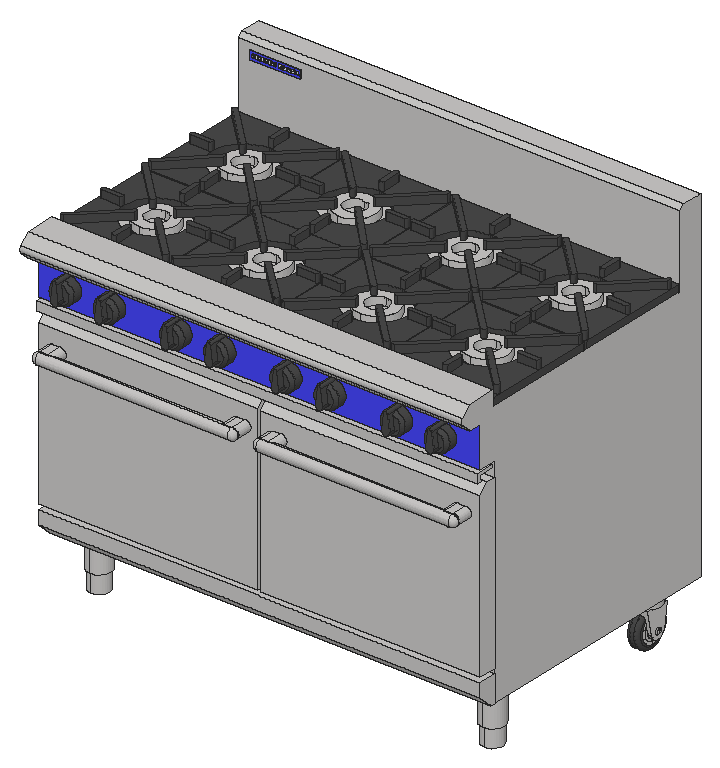
Revit family "QF_MOFFAT_BLUESEAL_CE_G528D", category Specialty Equipment, Revit 2012 (continued)
Definition of nested family "GAS BURNER 1200"
  Forms (mm)
    Extrusion 1, solid, material "QF_Finishes_Black"
      sketch origin (0, 0, 0) x (0, -1, 0) y (1, 0, 0)
        loop
          arc (0, 4) -> (0.879, 1.879) -> (3, 1) r 3
          line (3, 1) -> (315.5, 1)
          arc (315.5, 1) -> (317.621, 1.879) -> (318.5, 4) r 3
        loop
          line (324.5, 1) -> (632, 1)
          arc (632, 1) -> (634.121, 1.879) -> (635, 4) r 3
          line (635, 4) -> (635, 296)
          arc (635, 296) -> (634.121, 298.121) -> (632, 299) r 3
          line (632, 299) -> (324.5, 299)
          arc (324.5, 299) -> (322.379, 298.121) -> (321.5, 296) r 3
          line (321.5, 296) -> (321.5, 4)
          arc (321.5, 4) -> (322.379, 1.879) -> (324.5, 1) r 3
        loop
          circle (168.5, 149.991) r 84.082
        loop
          circle (468.5, 149.991) r 84.082
      from 0 to 19.5
    Extrusion 2, solid, material "QF_Finishes_Black"
      sketch origin (0, 0, 19.5) x (0, -1, 0) y (1, 0, 0)
        loop
          spline (326.102, 15.153) -> (325.181, 13.924) -> (324.631, 12.47) -> (324.49, 10.89) -> (324.767, 9.292) -> (325.443, 7.786) -> (326.473, 6.473) -> (327.786, 5.443) -> (329.292, 4.767) -> (330.89, 4.49) -> (332.47, 4.631) -> (333.924, 5.181) -> (335.153, 6.102)
          line (335.153, 6.102) -> (443.076, 114.025)
          spline (443.076, 114.025) -> (443.837, 115.095) -> (444.238, 116.399) -> (444.251, 117.851) -> (443.875, 119.35) -> (443.137, 120.795) -> (442.086, 122.086) -> (440.795, 123.137) -> (439.35, 123.875) -> (437.851, 124.251) -> (436.399, 124.238) -> (435.095, 123.837) -> (434.025, 123.076)
          line (434.025, 123.076) -> (326.102, 15.153)
        loop
          spline (328.898, 156.4) -> (327.604, 156.182) -> (326.398, 155.543) -> (325.362, 154.525) -> (324.568, 153.2) -> (324.068, 151.656) -> (323.898, 150) -> (324.068, 148.344) -> (324.568, 146.8) -> (325.362, 145.475) -> (326.398, 144.457) -> (327.604, 143.818) -> (328.898, 143.6)
          line (328.898, 143.6) -> (378.102, 143.6)
          spline (378.102, 143.6) -> (379.396, 143.818) -> (380.602, 144.457) -> (381.638, 145.475) -> (382.432, 146.8) -> (382.932, 148.344) -> (383.102, 150) -> (382.932, 151.656) -> (382.432, 153.2) -> (381.638, 154.525) -> (380.602, 155.543) -> (379.396, 156.182) -> (378.102, 156.4)
          line (378.102, 156.4) -> (328.898, 156.4)
        loop
          spline (335.153, 293.898) -> (334.084, 294.659) -> (332.779, 295.059) -> (331.328, 295.072) -> (329.829, 294.697) -> (328.384, 293.959) -> (327.092, 292.908) -> (326.041, 291.616) -> (325.303, 290.171) -> (324.928, 288.672) -> (324.941, 287.221) -> (325.341, 285.916) -> (326.102, 284.847)
          line (326.102, 284.847) -> (434.025, 176.924)
          spline (434.025, 176.924) -> (435.095, 176.163) -> (436.399, 175.762) -> (437.851, 175.749) -> (439.35, 176.125) -> (440.795, 176.863) -> (442.086, 177.914) -> (443.137, 179.205) -> (443.875, 180.65) -> (444.251, 182.149) -> (444.238, 183.601) -> (443.837, 184.905) -> (443.076, 185.975)
          line (443.076, 185.975) -> (335.153, 293.898)
        loop
          line (463.6, 291.102) -> (463.6, 241.898)
          spline (463.6, 241.898) -> (463.818, 240.604) -> (464.457, 239.398) -> (465.475, 238.362) -> (466.8, 237.568) -> (468.344, 237.068) -> (470, 236.898) -> (471.656, 237.068) -> (473.2, 237.568) -> (474.525, 238.362) -> (475.543, 239.398) -> (476.182, 240.604) -> (476.4, 241.898)
          line (476.4, 241.898) -> (476.4, 291.102)
          spline (476.4, 291.102) -> (476.182, 292.396) -> (475.543, 293.602) -> (474.525, 294.638) -> (473.2, 295.432) -> (471.656, 295.932) -> (470, 296.102) -> (468.344, 295.932) -> (466.8, 295.432) -> (465.475, 294.638) -> (464.457, 293.602) -> (463.818, 292.396) -> (463.6, 291.102)
        loop
          spline (612.398, 284.847) -> (613.159, 285.916) -> (613.559, 287.221) -> (613.572, 288.672) -> (613.197, 290.171) -> (612.459, 291.616) -> (611.408, 292.908) -> (610.116, 293.959) -> (608.671, 294.697) -> (607.172, 295.072) -> (605.721, 295.059) -> (604.416, 294.659) -> (603.347, 293.898)
          line (603.347, 293.898) -> (496.924, 185.975)
          spline (496.924, 185.975) -> (496.163, 184.905) -> (495.762, 183.601) -> (495.749, 182.149) -> (496.125, 180.65) -> (496.863, 179.205) -> (497.914, 177.914) -> (499.205, 176.863) -> (500.65, 176.125) -> (502.149, 175.749) -> (503.601, 175.762) -> (504.905, 176.163) -> (505.975, 176.924)
          line (505.975, 176.924) -> (612.398, 284.847)
        loop
          spline (609.602, 143.6) -> (610.896, 143.818) -> (612.102, 144.457) -> (613.138, 145.475) -> (613.932, 146.8) -> (614.432, 148.344) -> (614.602, 150) -> (614.432, 151.656) -> (613.932, 153.2) -> (613.138, 154.525) -> (612.102, 155.543) -> (610.896, 156.182) -> (609.602, 156.4)
          line (609.602, 156.4) -> (561.898, 156.4)
          spline (561.898, 156.4) -> (560.604, 156.182) -> (559.398, 155.543) -> (558.362, 154.525) -> (557.568, 153.2) -> (557.068, 151.656) -> (556.898, 150) -> (557.068, 148.344) -> (557.568, 146.8) -> (558.362, 145.475) -> (559.398, 144.457) -> (560.604, 143.818) -> (561.898, 143.6)
          line (561.898, 143.6) -> (609.602, 143.6)
        loop
          line (612.398, 15.153) -> (505.975, 123.076)
          spline (505.975, 123.076) -> (504.905, 123.837) -> (503.601, 124.238) -> (502.149, 124.251) -> (500.65, 123.875) -> (499.205, 123.137) -> (497.914, 122.086) -> (496.863, 120.795) -> (496.125, 119.35) -> (495.749, 117.851) -> (495.762, 116.399) -> (496.163, 115.095) -> (496.924, 114.025)
          line (496.924, 114.025) -> (603.347, 6.102)
          spline (603.347, 6.102) -> (604.416, 5.341) -> (605.721, 4.941) -> (607.172, 4.928) -> (608.671, 5.303) -> (610.116, 6.041) -> (611.408, 7.092) -> (612.459, 8.384) -> (613.197, 9.829) -> (613.572, 11.328) -> (613.559, 12.779) -> (613.159, 14.084) -> (612.398, 15.153)
        loop
          line (476.4, 8.898) -> (476.4, 58.102)
          spline (476.4, 58.102) -> (476.182, 59.396) -> (475.543, 60.602) -> (474.525, 61.638) -> (473.2, 62.432) -> (471.656, 62.932) -> (470, 63.102) -> (468.344, 62.932) -> (466.8, 62.432) -> (465.475, 61.638) -> (464.457, 60.602) -> (463.818, 59.396) -> (463.6, 58.102)
          line (463.6, 58.102) -> (463.6, 8.898)
          spline (463.6, 8.898) -> (463.818, 7.604) -> (464.457, 6.398) -> (465.475, 5.362) -> (466.8, 4.568) -> (468.344, 4.068) -> (470, 3.898) -> (471.656, 4.068) -> (473.2, 4.568) -> (474.525, 5.362) -> (475.543, 6.398) -> (476.182, 7.604) -> (476.4, 8.898)
        loop
          spline (22.602, 15.153) -> (21.681, 13.924) -> (21.131, 12.47) -> (20.99, 10.89) -> (21.267, 9.292) -> (21.943, 7.786) -> (22.973, 6.473) -> (24.286, 5.443) -> (25.792, 4.767) -> (27.39, 4.49) -> (28.97, 4.631) -> (30.424, 5.181) -> (31.653, 6.102)
          line (31.653, 6.102) -> (139.576, 114.025)
          spline (139.576, 114.025) -> (140.337, 115.095) -> (140.738, 116.399) -> (140.751, 117.851) -> (140.375, 119.35) -> (139.637, 120.795) -> (138.586, 122.086) -> (137.295, 123.137) -> (135.85, 123.875) -> (134.351, 124.251) -> (132.899, 124.238) -> (131.595, 123.837) -> (130.525, 123.076)
          line (130.525, 123.076) -> (22.602, 15.153)
        loop
          spline (25.398, 156.4) -> (24.104, 156.182) -> (22.898, 155.543) -> (21.862, 154.525) -> (21.068, 153.2) -> (20.568, 151.656) -> (20.398, 150) -> (20.568, 148.344) -> (21.068, 146.8) -> (21.862, 145.475) -> (22.898, 144.457) -> (24.104, 143.818) -> (25.398, 143.6)
          line (25.398, 143.6) -> (74.602, 143.6)
          spline (74.602, 143.6) -> (75.896, 143.818) -> (77.102, 144.457) -> (78.138, 145.475) -> (78.932, 146.8) -> (79.432, 148.344) -> (79.602, 150) -> (79.432, 151.656) -> (78.932, 153.2) -> (78.138, 154.525) -> (77.102, 155.543) -> (75.896, 156.182) -> (74.602, 156.4)
          line (74.602, 156.4) -> (25.398, 156.4)
        loop
          spline (31.653, 293.898) -> (30.584, 294.659) -> (29.279, 295.059) -> (27.828, 295.072) -> (26.329, 294.697) -> (24.884, 293.959) -> (23.592, 292.908) -> (22.541, 291.616) -> (21.803, 290.171) -> (21.428, 288.672) -> (21.441, 287.221) -> (21.841, 285.916) -> (22.602, 284.847)
          line (22.602, 284.847) -> (130.525, 176.924)
          spline (130.525, 176.924) -> (131.595, 176.163) -> (132.899, 175.762) -> (134.351, 175.749) -> (135.85, 176.125) -> (137.295, 176.863) -> (138.586, 177.914) -> (139.637, 179.205) -> (140.375, 180.65) -> (140.751, 182.149) -> (140.738, 183.601) -> (140.337, 184.905) -> (139.576, 185.975)
          line (139.576, 185.975) -> (31.653, 293.898)
        loop
          line (160.1, 291.102) -> (160.1, 241.898)
          spline (160.1, 241.898) -> (160.318, 240.604) -> (160.957, 239.398) -> (161.975, 238.362) -> (163.3, 237.568) -> (164.844, 237.068) -> (166.5, 236.898) -> (168.156, 237.068) -> (169.7, 237.568) -> (171.025, 238.362) -> (172.043, 239.398) -> (172.682, 240.604) -> (172.9, 241.898)
          line (172.9, 241.898) -> (172.9, 291.102)
          spline (172.9, 291.102) -> (172.682, 292.396) -> (172.043, 293.602) -> (171.025, 294.638) -> (169.7, 295.432) -> (168.156, 295.932) -> (166.5, 296.102) -> (164.844, 295.932) -> (163.3, 295.432) -> (161.975, 294.638) -> (160.957, 293.602) -> (160.318, 292.396) -> (160.1, 291.102)
        loop
          spline (313.898, 284.847) -> (314.659, 285.916) -> (315.059, 287.221) -> (315.072, 288.672) -> (314.697, 290.171) -> (313.959, 291.616) -> (312.908, 292.908) -> (311.616, 293.959) -> (310.171, 294.697) -> (308.672, 295.072) -> (307.221, 295.059) -> (305.916, 294.659) -> (304.847, 293.898)
          line (304.847, 293.898) -> (193.424, 185.975)
          spline (193.424, 185.975) -> (192.663, 184.905) -> (192.262, 183.601) -> (192.249, 182.149) -> (192.625, 180.65) -> (193.363, 179.205) -> (194.414, 177.914) -> (195.705, 176.863) -> (197.15, 176.125) -> (198.649, 175.749) -> (200.101, 175.762) -> (201.405, 176.163) -> (202.475, 176.924)
          line (202.475, 176.924) -> (313.898, 284.847)
        loop
          spline (311.102, 143.6) -> (312.396, 143.818) -> (313.602, 144.457) -> (314.638, 145.475) -> (315.432, 146.8) -> (315.932, 148.344) -> (316.102, 150) -> (315.932, 151.656) -> (315.432, 153.2) -> (314.638, 154.525) -> (313.602, 155.543) -> (312.396, 156.182) -> (311.102, 156.4)
          line (311.102, 156.4) -> (261.898, 156.4)
          spline (261.898, 156.4) -> (260.604, 156.182) -> (259.398, 155.543) -> (258.362, 154.525) -> (257.568, 153.2) -> (257.068, 151.656) -> (256.898, 150) -> (257.068, 148.344) -> (257.568, 146.8) -> (258.362, 145.475) -> (259.398, 144.457) -> (260.604, 143.818) -> (261.898, 143.6)
          line (261.898, 143.6) -> (311.102, 143.6)
        loop
          line (313.898, 15.153) -> (202.475, 123.076)
          spline (202.475, 123.076) -> (201.405, 123.837) -> (200.101, 124.238) -> (198.649, 124.251) -> (197.15, 123.875) -> (195.705, 123.137) -> (194.414, 122.086) -> (193.363, 120.795) -> (192.625, 119.35) -> (192.249, 117.851) -> (192.262, 116.399) -> (192.663, 115.095) -> (193.424, 114.025)
          line (193.424, 114.025) -> (304.847, 6.102)
          spline (304.847, 6.102) -> (305.916, 5.341) -> (307.221, 4.941) -> (308.672, 4.928) -> (310.171, 5.303) -> (311.616, 6.041) -> (312.908, 7.092) -> (313.959, 8.384) -> (314.697, 9.829) -> (315.072, 11.328) -> (315.059, 12.779) -> (314.659, 14.084) -> (313.898, 15.153)
        loop
          line (172.9, 8.898) -> (172.9, 58.102)
          spline (172.9, 58.102) -> (172.682, 59.396) -> (172.043, 60.602) -> (171.025, 61.638) -> (169.7, 62.432) -> (168.156, 62.932) -> (166.5, 63.102) -> (164.844, 62.932) -> (163.3, 62.432) -> (161.975, 61.638) -> (160.957, 60.602) -> (160.318, 59.396) -> (160.1, 58.102)
          line (160.1, 58.102) -> (160.1, 8.898)
          spline (160.1, 8.898) -> (160.318, 7.604) -> (160.957, 6.398) -> (161.975, 5.362) -> (163.3, 4.568) -> (164.844, 4.068) -> (166.5, 3.898) -> (168.156, 4.068) -> (169.7, 4.568) -> (171.025, 5.362) -> (172.043, 6.398) -> (172.682, 7.604) -> (172.9, 8.898)
      from 0 to 20.5
    Extrusion 3, solid, material "QF_Finishes_Stainless Steel"
      sketch origin (0, -15.098, 0) x (0, -1, 0) y (1, 0, 0)
        loop
          circle (151.402, 150) r 57
        loop
          circle (451.402, 150) r 57
        loop
          circle (151.402, 150) r 30
        loop
          circle (451.402, 150) r 30
      from 0 to 20
    Extrusion 4, solid, material "QF_Finishes_Black"
      sketch origin (600, 0, 0) x (0, -1, 0) y (1, 0, 0)
        loop
          arc (318.5, -4) -> (317.621, -1.879) -> (315.5, -1) r 3
          line (315.5, -1) -> (3, -1)
          arc (3, -1) -> (0.879, -1.879) -> (0, -4) r 3
          line (0, -4) -> (0, -296)
          arc (0, -296) -> (0.879, -298.121) -> (3, -299) r 3
          line (3, -299) -> (315.5, -299)
          arc (315.5, -299) -> (317.621, -298.121) -> (318.5, -296) r 3
          line (318.5, -296) -> (318.5, -4)
        loop
          arc (324.5, -1) -> (322.379, -1.879) -> (321.5, -4) r 3
          line (321.5, -4) -> (321.5, -296)
          arc (321.5, -296) -> (322.379, -298.121) -> (324.5, -299) r 3
          line (324.5, -299) -> (632, -299)
          arc (632, -299) -> (634.121, -298.121) -> (635, -296) r 3
          line (635, -296) -> (635, -4)
          arc (635, -4) -> (634.121, -1.879) -> (632, -1) r 3
          line (632, -1) -> (324.5, -1)
        loop
          circle (168.5, -149.991) r 84.082
        loop
          circle (468.5, -149.991) r 84.082
      from 0 to 19.5
    Extrusion 5, solid, material "QF_Finishes_Black"
      sketch origin (600, 0, 19.5) x (0, -1, 0) y (1, 0, 0)
        loop
          line (326.102, -15.153) -> (434.025, -123.076)
          spline (434.025, -123.076) -> (435.095, -123.837) -> (436.399, -124.238) -> (437.851, -124.251) -> (439.35, -123.875) -> (440.795, -123.137) -> (442.086, -122.086) -> (443.137, -120.795) -> (443.875, -119.35) -> (444.251, -117.851) -> (444.238, -116.399) -> (443.837, -115.095) -> (443.076, -114.025)
          line (443.076, -114.025) -> (335.153, -6.102)
          spline (335.153, -6.102) -> (333.924, -5.181) -> (332.47, -4.631) -> (330.89, -4.49) -> (329.292, -4.767) -> (327.786, -5.443) -> (326.473, -6.473) -> (325.443, -7.786) -> (324.767, -9.292) -> (324.49, -10.89) -> (324.631, -12.47) -> (325.181, -13.924) -> (326.102, -15.153)
        loop
          line (328.898, -156.4) -> (378.102, -156.4)
          spline (378.102, -156.4) -> (379.396, -156.182) -> (380.602, -155.543) -> (381.638, -154.525) -> (382.432, -153.2) -> (382.932, -151.656) -> (383.102, -150) -> (382.932, -148.344) -> (382.432, -146.8) -> (381.638, -145.475) -> (380.602, -144.457) -> (379.396, -143.818) -> (378.102, -143.6)
          line (378.102, -143.6) -> (328.898, -143.6)
          spline (328.898, -143.6) -> (327.604, -143.818) -> (326.398, -144.457) -> (325.362, -145.475) -> (324.568, -146.8) -> (324.068, -148.344) -> (323.898, -150) -> (324.068, -151.656) -> (324.568, -153.2) -> (325.362, -154.525) -> (326.398, -155.543) -> (327.604, -156.182) -> (328.898, -156.4)
        loop
          line (335.153, -293.898) -> (443.076, -185.975)
          spline (443.076, -185.975) -> (443.837, -184.905) -> (444.238, -183.601) -> (444.251, -182.149) -> (443.875, -180.65) -> (443.137, -179.205) -> (442.086, -177.914) -> (440.795, -176.863) -> (439.35, -176.125) -> (437.851, -175.749) -> (436.399, -175.762) -> (435.095, -176.163) -> (434.025, -176.924)
          line (434.025, -176.924) -> (326.102, -284.847)
          spline (326.102, -284.847) -> (325.341, -285.916) -> (324.941, -287.221) -> (324.928, -288.672) -> (325.303, -290.171) -> (326.041, -291.616) -> (327.092, -292.908) -> (328.384, -293.959) -> (329.829, -294.697) -> (331.328, -295.072) -> (332.779, -295.059) -> (334.084, -294.659) -> (335.153, -293.898)
        loop
          spline (463.6, -291.102) -> (463.818, -292.396) -> (464.457, -293.602) -> (465.475, -294.638) -> (466.8, -295.432) -> (468.344, -295.932) -> (470, -296.102) -> (471.656, -295.932) -> (473.2, -295.432) -> (474.525, -294.638) -> (475.543, -293.602) -> (476.182, -292.396) -> (476.4, -291.102)
          line (476.4, -291.102) -> (476.4, -241.898)
          spline (476.4, -241.898) -> (476.182, -240.604) -> (475.543, -239.398) -> (474.525, -238.362) -> (473.2, -237.568) -> (471.656, -237.068) -> (470, -236.898) -> (468.344, -237.068) -> (466.8, -237.568) -> (465.475, -238.362) -> (464.457, -239.398) -> (463.818, -240.604) -> (463.6, -241.898)
          line (463.6, -241.898) -> (463.6, -291.102)
        loop
          line (612.398, -284.847) -> (505.975, -176.924)
          spline (505.975, -176.924) -> (504.905, -176.163) -> (503.601, -175.762) -> (502.149, -175.749) -> (500.65, -176.125) -> (499.205, -176.863) -> (497.914, -177.914) -> (496.863, -179.205) -> (496.125, -180.65) -> (495.749, -182.149) -> (495.762, -183.601) -> (496.163, -184.905) -> (496.924, -185.975)
          line (496.924, -185.975) -> (603.347, -293.898)
          spline (603.347, -293.898) -> (604.416, -294.659) -> (605.721, -295.059) -> (607.172, -295.072) -> (608.671, -294.697) -> (610.116, -293.959) -> (611.408, -292.908) -> (612.459, -291.616) -> (613.197, -290.171) -> (613.572, -288.672) -> (613.559, -287.221) -> (613.159, -285.916) -> (612.398, -284.847)
        loop
          line (609.602, -143.6) -> (561.898, -143.6)
          spline (561.898, -143.6) -> (560.604, -143.818) -> (559.398, -144.457) -> (558.362, -145.475) -> (557.568, -146.8) -> (557.068, -148.344) -> (556.898, -150) -> (557.068, -151.656) -> (557.568, -153.2) -> (558.362, -154.525) -> (559.398, -155.543) -> (560.604, -156.182) -> (561.898, -156.4)
          line (561.898, -156.4) -> (609.602, -156.4)
          spline (609.602, -156.4) -> (610.896, -156.182) -> (612.102, -155.543) -> (613.138, -154.525) -> (613.932, -153.2) -> (614.432, -151.656) -> (614.602, -150) -> (614.432, -148.344) -> (613.932, -146.8) -> (613.138, -145.475) -> (612.102, -144.457) -> (610.896, -143.818) -> (609.602, -143.6)
        loop
          spline (612.398, -15.153) -> (613.159, -14.084) -> (613.559, -12.779) -> (613.572, -11.328) -> (613.197, -9.829) -> (612.459, -8.384) -> (611.408, -7.092) -> (610.116, -6.041) -> (608.671, -5.303) -> (607.172, -4.928) -> (605.721, -4.941) -> (604.416, -5.341) -> (603.347, -6.102)
          line (603.347, -6.102) -> (496.924, -114.025)
          spline (496.924, -114.025) -> (496.163, -115.095) -> (495.762, -116.399) -> (495.749, -117.851) -> (496.125, -119.35) -> (496.863, -120.795) -> (497.914, -122.086) -> (499.205, -123.137) -> (500.65, -123.875) -> (502.149, -124.251) -> (503.601, -124.238) -> (504.905, -123.837) -> (505.975, -123.076)
          line (505.975, -123.076) -> (612.398, -15.153)
        loop
          spline (476.4, -8.898) -> (476.182, -7.604) -> (475.543, -6.398) -> (474.525, -5.362) -> (473.2, -4.568) -> (471.656, -4.068) -> (470, -3.898) -> (468.344, -4.068) -> (466.8, -4.568) -> (465.475, -5.362) -> (464.457, -6.398) -> (463.818, -7.604) -> (463.6, -8.898)
          line (463.6, -8.898) -> (463.6, -58.102)
          spline (463.6, -58.102) -> (463.818, -59.396) -> (464.457, -60.602) -> (465.475, -61.638) -> (466.8, -62.432) -> (468.344, -62.932) -> (470, -63.102) -> (471.656, -62.932) -> (473.2, -62.432) -> (474.525, -61.638) -> (475.543, -60.602) -> (476.182, -59.396) -> (476.4, -58.102)
          line (476.4, -58.102) -> (476.4, -8.898)
        loop
          line (22.602, -15.153) -> (130.525, -123.076)
          spline (130.525, -123.076) -> (131.595, -123.837) -> (132.899, -124.238) -> (134.351, -124.251) -> (135.85, -123.875) -> (137.295, -123.137) -> (138.586, -122.086) -> (139.637, -120.795) -> (140.375, -119.35) -> (140.751, -117.851) -> (140.738, -116.399) -> (140.337, -115.095) -> (139.576, -114.025)
          line (139.576, -114.025) -> (31.653, -6.102)
          spline (31.653, -6.102) -> (30.424, -5.181) -> (28.97, -4.631) -> (27.39, -4.49) -> (25.792, -4.767) -> (24.286, -5.443) -> (22.973, -6.473) -> (21.943, -7.786) -> (21.267, -9.292) -> (20.99, -10.89) -> (21.131, -12.47) -> (21.681, -13.924) -> (22.602, -15.153)
        loop
          line (25.398, -156.4) -> (74.602, -156.4)
          spline (74.602, -156.4) -> (75.896, -156.182) -> (77.102, -155.543) -> (78.138, -154.525) -> (78.932, -153.2) -> (79.432, -151.656) -> (79.602, -150) -> (79.432, -148.344) -> (78.932, -146.8) -> (78.138, -145.475) -> (77.102, -144.457) -> (75.896, -143.818) -> (74.602, -143.6)
          line (74.602, -143.6) -> (25.398, -143.6)
          spline (25.398, -143.6) -> (24.104, -143.818) -> (22.898, -144.457) -> (21.862, -145.475) -> (21.068, -146.8) -> (20.568, -148.344) -> (20.398, -150) -> (20.568, -151.656) -> (21.068, -153.2) -> (21.862, -154.525) -> (22.898, -155.543) -> (24.104, -156.182) -> (25.398, -156.4)
        loop
          line (31.653, -293.898) -> (139.576, -185.975)
          spline (139.576, -185.975) -> (140.337, -184.905) -> (140.738, -183.601) -> (140.751, -182.149) -> (140.375, -180.65) -> (139.637, -179.205) -> (138.586, -177.914) -> (137.295, -176.863) -> (135.85, -176.125) -> (134.351, -175.749) -> (132.899, -175.762) -> (131.595, -176.163) -> (130.525, -176.924)
          line (130.525, -176.924) -> (22.602, -284.847)
          spline (22.602, -284.847) -> (21.841, -285.916) -> (21.441, -287.221) -> (21.428, -288.672) -> (21.803, -290.171) -> (22.541, -291.616) -> (23.592, -292.908) -> (24.884, -293.959) -> (26.329, -294.697) -> (27.828, -295.072) -> (29.279, -295.059) -> (30.584, -294.659) -> (31.653, -293.898)
        loop
          spline (160.1, -291.102) -> (160.318, -292.396) -> (160.957, -293.602) -> (161.975, -294.638) -> (163.3, -295.432) -> (164.844, -295.932) -> (166.5, -296.102) -> (168.156, -295.932) -> (169.7, -295.432) -> (171.025, -294.638) -> (172.043, -293.602) -> (172.682, -292.396) -> (172.9, -291.102)
          line (172.9, -291.102) -> (172.9, -241.898)
          spline (172.9, -241.898) -> (172.682, -240.604) -> (172.043, -239.398) -> (171.025, -238.362) -> (169.7, -237.568) -> (168.156, -237.068) -> (166.5, -236.898) -> (164.844, -237.068) -> (163.3, -237.568) -> (161.975, -238.362) -> (160.957, -239.398) -> (160.318, -240.604) -> (160.1, -241.898)
          line (160.1, -241.898) -> (160.1, -291.102)
        loop
          line (313.898, -284.847) -> (202.475, -176.924)
          spline (202.475, -176.924) -> (201.405, -176.163) -> (200.101, -175.762) -> (198.649, -175.749) -> (197.15, -176.125) -> (195.705, -176.863) -> (194.414, -177.914) -> (193.363, -179.205) -> (192.625, -180.65) -> (192.249, -182.149) -> (192.262, -183.601) -> (192.663, -184.905) -> (193.424, -185.975)
          line (193.424, -185.975) -> (304.847, -293.898)
          spline (304.847, -293.898) -> (305.916, -294.659) -> (307.221, -295.059) -> (308.672, -295.072) -> (310.171, -294.697) -> (311.616, -293.959) -> (312.908, -292.908) -> (313.959, -291.616) -> (314.697, -290.171) -> (315.072, -288.672) -> (315.059, -287.221) -> (314.659, -285.916) -> (313.898, -284.847)
        loop
          line (311.102, -143.6) -> (261.898, -143.6)
          spline (261.898, -143.6) -> (260.604, -143.818) -> (259.398, -144.457) -> (258.362, -145.475) -> (257.568, -146.8) -> (257.068, -148.344) -> (256.898, -150) -> (257.068, -151.656) -> (257.568, -153.2) -> (258.362, -154.525) -> (259.398, -155.543) -> (260.604, -156.182) -> (261.898, -156.4)
          line (261.898, -156.4) -> (311.102, -156.4)
          spline (311.102, -156.4) -> (312.396, -156.182) -> (313.602, -155.543) -> (314.638, -154.525) -> (315.432, -153.2) -> (315.932, -151.656) -> (316.102, -150) -> (315.932, -148.344) -> (315.432, -146.8) -> (314.638, -145.475) -> (313.602, -144.457) -> (312.396, -143.818) -> (311.102, -143.6)
        loop
          spline (313.898, -15.153) -> (314.659, -14.084) -> (315.059, -12.779) -> (315.072, -11.328) -> (314.697, -9.829) -> (313.959, -8.384) -> (312.908, -7.092) -> (311.616, -6.041) -> (310.171, -5.303) -> (308.672, -4.928) -> (307.221, -4.941) -> (305.916, -5.341) -> (304.847, -6.102)
          line (304.847, -6.102) -> (193.424, -114.025)
          spline (193.424, -114.025) -> (192.663, -115.095) -> (192.262, -116.399) -> (192.249, -117.851) -> (192.625, -119.35) -> (193.363, -120.795) -> (194.414, -122.086) -> (195.705, -123.137) -> (197.15, -123.875) -> (198.649, -124.251) -> (200.101, -124.238) -> (201.405, -123.837) -> (202.475, -123.076)
          line (202.475, -123.076) -> (313.898, -15.153)
        loop
          spline (172.9, -8.898) -> (172.682, -7.604) -> (172.043, -6.398) -> (171.025, -5.362) -> (169.7, -4.568) -> (168.156, -4.068) -> (166.5, -3.898) -> (164.844, -4.068) -> (163.3, -4.568) -> (161.975, -5.362) -> (160.957, -6.398) -> (160.318, -7.604) -> (160.1, -8.898)
          line (160.1, -8.898) -> (160.1, -58.102)
          spline (160.1, -58.102) -> (160.318, -59.396) -> (160.957, -60.602) -> (161.975, -61.638) -> (163.3, -62.432) -> (164.844, -62.932) -> (166.5, -63.102) -> (168.156, -62.932) -> (169.7, -62.432) -> (171.025, -61.638) -> (172.043, -60.602) -> (172.682, -59.396) -> (172.9, -58.102)
          line (172.9, -58.102) -> (172.9, -8.898)
      from 0 to 20.5
    Extrusion 6, solid, material "QF_Finishes_Stainless Steel"
      sketch origin (600, -15.098, 0) x (0, -1, 0) y (1, 0, 0)
        loop
          circle (151.402, -150) r 57
        loop
          circle (451.402, -150) r 57
        loop
          circle (151.402, -150) r 30
        loop
          circle (451.402, -150) r 30
      from 0 to 20
    Extrusion 7, solid, material "QF_Finishes_Black"
      sketch origin (901, 0, 19.5) x (0, -1, 0) y (1, 0, 0)
        loop
          line (326.102, -15.153) -> (434.025, -123.076)
          spline (434.025, -123.076) -> (435.095, -123.837) -> (436.399, -124.238) -> (437.851, -124.251) -> (439.35, -123.875) -> (440.795, -123.137) -> (442.086, -122.086) -> (443.137, -120.795) -> (443.875, -119.35) -> (444.251, -117.851) -> (444.238, -116.399) -> (443.837, -115.095) -> (443.076, -114.025)
          line (443.076, -114.025) -> (335.153, -6.102)
          spline (335.153, -6.102) -> (333.924, -5.181) -> (332.47, -4.631) -> (330.89, -4.49) -> (329.292, -4.767) -> (327.786, -5.443) -> (326.473, -6.473) -> (325.443, -7.786) -> (324.767, -9.292) -> (324.49, -10.89) -> (324.631, -12.47) -> (325.181, -13.924) -> (326.102, -15.153)
        loop
          line (328.898, -156.4) -> (378.102, -156.4)
          spline (378.102, -156.4) -> (379.396, -156.182) -> (380.602, -155.543) -> (381.638, -154.525) -> (382.432, -153.2) -> (382.932, -151.656) -> (383.102, -150) -> (382.932, -148.344) -> (382.432, -146.8) -> (381.638, -145.475) -> (380.602, -144.457) -> (379.396, -143.818) -> (378.102, -143.6)
          line (378.102, -143.6) -> (328.898, -143.6)
          spline (328.898, -143.6) -> (327.604, -143.818) -> (326.398, -144.457) -> (325.362, -145.475) -> (324.568, -146.8) -> (324.068, -148.344) -> (323.898, -150) -> (324.068, -151.656) -> (324.568, -153.2) -> (325.362, -154.525) -> (326.398, -155.543) -> (327.604, -156.182) -> (328.898, -156.4)
        loop
          line (335.153, -293.898) -> (443.076, -185.975)
          spline (443.076, -185.975) -> (443.837, -184.905) -> (444.238, -183.601) -> (444.251, -182.149) -> (443.875, -180.65) -> (443.137, -179.205) -> (442.086, -177.914) -> (440.795, -176.863) -> (439.35, -176.125) -> (437.851, -175.749) -> (436.399, -175.762) -> (435.095, -176.163) -> (434.025, -176.924)
          line (434.025, -176.924) -> (326.102, -284.847)
          spline (326.102, -284.847) -> (325.341, -285.916) -> (324.941, -287.221) -> (324.928, -288.672) -> (325.303, -290.171) -> (326.041, -291.616) -> (327.092, -292.908) -> (328.384, -293.959) -> (329.829, -294.697) -> (331.328, -295.072) -> (332.779, -295.059) -> (334.084, -294.659) -> (335.153, -293.898)
        loop
          spline (463.6, -291.102) -> (463.818, -292.396) -> (464.457, -293.602) -> (465.475, -294.638) -> (466.8, -295.432) -> (468.344, -295.932) -> (470, -296.102) -> (471.656, -295.932) -> (473.2, -295.432) -> (474.525, -294.638) -> (475.543, -293.602) -> (476.182, -292.396) -> (476.4, -291.102)
          line (476.4, -291.102) -> (476.4, -241.898)
          spline (476.4, -241.898) -> (476.182, -240.604) -> (475.543, -239.398) -> (474.525, -238.362) -> (473.2, -237.568) -> (471.656, -237.068) -> (470, -236.898) -> (468.344, -237.068) -> (466.8, -237.568) -> (465.475, -238.362) -> (464.457, -239.398) -> (463.818, -240.604) -> (463.6, -241.898)
          line (463.6, -241.898) -> (463.6, -291.102)
        loop
          line (612.398, -284.847) -> (505.975, -176.924)
          spline (505.975, -176.924) -> (504.905, -176.163) -> (503.601, -175.762) -> (502.149, -175.749) -> (500.65, -176.125) -> (499.205, -176.863) -> (497.914, -177.914) -> (496.863, -179.205) -> (496.125, -180.65) -> (495.749, -182.149) -> (495.762, -183.601) -> (496.163, -184.905) -> (496.924, -185.975)
          line (496.924, -185.975) -> (603.347, -293.898)
          spline (603.347, -293.898) -> (604.416, -294.659) -> (605.721, -295.059) -> (607.172, -295.072) -> (608.671, -294.697) -> (610.116, -293.959) -> (611.408, -292.908) -> (612.459, -291.616) -> (613.197, -290.171) -> (613.572, -288.672) -> (613.559, -287.221) -> (613.159, -285.916) -> (612.398, -284.847)
        loop
          line (609.602, -143.6) -> (561.898, -143.6)
          spline (561.898, -143.6) -> (560.604, -143.818) -> (559.398, -144.457) -> (558.362, -145.475) -> (557.568, -146.8) -> (557.068, -148.344) -> (556.898, -150) -> (557.068, -151.656) -> (557.568, -153.2) -> (558.362, -154.525) -> (559.398, -155.543) -> (560.604, -156.182) -> (561.898, -156.4)
          line (561.898, -156.4) -> (609.602, -156.4)
          spline (609.602, -156.4) -> (610.896, -156.182) -> (612.102, -155.543) -> (613.138, -154.525) -> (613.932, -153.2) -> (614.432, -151.656) -> (614.602, -150) -> (614.432, -148.344) -> (613.932, -146.8) -> (613.138, -145.475) -> (612.102, -144.457) -> (610.896, -143.818) -> (609.602, -143.6)
        loop
          spline (612.398, -15.153) -> (613.159, -14.084) -> (613.559, -12.779) -> (613.572, -11.328) -> (613.197, -9.829) -> (612.459, -8.384) -> (611.408, -7.092) -> (610.116, -6.041) -> (608.671, -5.303) -> (607.172, -4.928) -> (605.721, -4.941) -> (604.416, -5.341) -> (603.347, -6.102)
          line (603.347, -6.102) -> (496.924, -114.025)
          spline (496.924, -114.025) -> (496.163, -115.095) -> (495.762, -116.399) -> (495.749, -117.851) -> (496.125, -119.35) -> (496.863, -120.795) -> (497.914, -122.086) -> (499.205, -123.137) -> (500.65, -123.875) -> (502.149, -124.251) -> (503.601, -124.238) -> (504.905, -123.837) -> (505.975, -123.076)
          line (505.975, -123.076) -> (612.398, -15.153)
        loop
          spline (476.4, -8.898) -> (476.182, -7.604) -> (475.543, -6.398) -> (474.525, -5.362) -> (473.2, -4.568) -> (471.656, -4.068) -> (470, -3.898) -> (468.344, -4.068) -> (466.8, -4.568) -> (465.475, -5.362) -> (464.457, -6.398) -> (463.818, -7.604) -> (463.6, -8.898)
          line (463.6, -8.898) -> (463.6, -58.102)
          spline (463.6, -58.102) -> (463.818, -59.396) -> (464.457, -60.602) -> (465.475, -61.638) -> (466.8, -62.432) -> (468.344, -62.932) -> (470, -63.102) -> (471.656, -62.932) -> (473.2, -62.432) -> (474.525, -61.638) -> (475.543, -60.602) -> (476.182, -59.396) -> (476.4, -58.102)
          line (476.4, -58.102) -> (476.4, -8.898)
        loop
          line (22.602, -15.153) -> (130.525, -123.076)
          spline (130.525, -123.076) -> (131.595, -123.837) -> (132.899, -124.238) -> (134.351, -124.251) -> (135.85, -123.875) -> (137.295, -123.137) -> (138.586, -122.086) -> (139.637, -120.795) -> (140.375, -119.35) -> (140.751, -117.851) -> (140.738, -116.399) -> (140.337, -115.095) -> (139.576, -114.025)
          line (139.576, -114.025) -> (31.653, -6.102)
          spline (31.653, -6.102) -> (30.424, -5.181) -> (28.97, -4.631) -> (27.39, -4.49) -> (25.792, -4.767) -> (24.286, -5.443) -> (22.973, -6.473) -> (21.943, -7.786) -> (21.267, -9.292) -> (20.99, -10.89) -> (21.131, -12.47) -> (21.681, -13.924) -> (22.602, -15.153)
        loop
          line (25.398, -156.4) -> (74.602, -156.4)
          spline (74.602, -156.4) -> (75.896, -156.182) -> (77.102, -155.543) -> (78.138, -154.525) -> (78.932, -153.2) -> (79.432, -151.656) -> (79.602, -150) -> (79.432, -148.344) -> (78.932, -146.8) -> (78.138, -145.475) -> (77.102, -144.457) -> (75.896, -143.818) -> (74.602, -143.6)
          line (74.602, -143.6) -> (25.398, -143.6)
          spline (25.398, -143.6) -> (24.104, -143.818) -> (22.898, -144.457) -> (21.862, -145.475) -> (21.068, -146.8) -> (20.568, -148.344) -> (20.398, -150) -> (20.568, -151.656) -> (21.068, -153.2) -> (21.862, -154.525) -> (22.898, -155.543) -> (24.104, -156.182) -> (25.398, -156.4)
        loop
          line (31.653, -293.898) -> (139.576, -185.975)
          spline (139.576, -185.975) -> (140.337, -184.905) -> (140.738, -183.601) -> (140.751, -182.149) -> (140.375, -180.65) -> (139.637, -179.205) -> (138.586, -177.914) -> (137.295, -176.863) -> (135.85, -176.125) -> (134.351, -175.749) -> (132.899, -175.762) -> (131.595, -176.163) -> (130.525, -176.924)
          line (130.525, -176.924) -> (22.602, -284.847)
          spline (22.602, -284.847) -> (21.841, -285.916) -> (21.441, -287.221) -> (21.428, -288.672) -> (21.803, -290.171) -> (22.541, -291.616) -> (23.592, -292.908) -> (24.884, -293.959) -> (26.329, -294.697) -> (27.828, -295.072) -> (29.279, -295.059) -> (30.584, -294.659) -> (31.653, -293.898)
        loop
          spline (160.1, -291.102) -> (160.318, -292.396) -> (160.957, -293.602) -> (161.975, -294.638) -> (163.3, -295.432) -> (164.844, -295.932) -> (166.5, -296.102) -> (168.156, -295.932) -> (169.7, -295.432) -> (171.025, -294.638) -> (172.043, -293.602) -> (172.682, -292.396) -> (172.9, -291.102)
          line (172.9, -291.102) -> (172.9, -241.898)
          spline (172.9, -241.898) -> (172.682, -240.604) -> (172.043, -239.398) -> (171.025, -238.362) -> (169.7, -237.568) -> (168.156, -237.068) -> (166.5, -236.898) -> (164.844, -237.068) -> (163.3, -237.568) -> (161.975, -238.362) -> (160.957, -239.398) -> (160.318, -240.604) -> (160.1, -241.898)
          line (160.1, -241.898) -> (160.1, -291.102)
        loop
          line (313.898, -284.847) -> (202.475, -176.924)
          spline (202.475, -176.924) -> (201.405, -176.163) -> (200.101, -175.762) -> (198.649, -175.749) -> (197.15, -176.125) -> (195.705, -176.863) -> (194.414, -177.914) -> (193.363, -179.205) -> (192.625, -180.65) -> (192.249, -182.149) -> (192.262, -183.601) -> (192.663, -184.905) -> (193.424, -185.975)
          line (193.424, -185.975) -> (304.847, -293.898)
          spline (304.847, -293.898) -> (305.916, -294.659) -> (307.221, -295.059) -> (308.672, -295.072) -> (310.171, -294.697) -> (311.616, -293.959) -> (312.908, -292.908) -> (313.959, -291.616) -> (314.697, -290.171) -> (315.072, -288.672) -> (315.059, -287.221) -> (314.659, -285.916) -> (313.898, -284.847)
        loop
          line (311.102, -143.6) -> (261.898, -143.6)
          spline (261.898, -143.6) -> (260.604, -143.818) -> (259.398, -144.457) -> (258.362, -145.475) -> (257.568, -146.8) -> (257.068, -148.344) -> (256.898, -150) -> (257.068, -151.656) -> (257.568, -153.2) -> (258.362, -154.525) -> (259.398, -155.543) -> (260.604, -156.182) -> (261.898, -156.4)
          line (261.898, -156.4) -> (311.102, -156.4)
          spline (311.102, -156.4) -> (312.396, -156.182) -> (313.602, -155.543) -> (314.638, -154.525) -> (315.432, -153.2) -> (315.932, -151.656) -> (316.102, -150) -> (315.932, -148.344) -> (315.432, -146.8) -> (314.638, -145.475) -> (313.602, -144.457) -> (312.396, -143.818) -> (311.102, -143.6)
        loop
          spline (313.898, -15.153) -> (314.659, -14.084) -> (315.059, -12.779) -> (315.072, -11.328) -> (314.697, -9.829) -> (313.959, -8.384) -> (312.908, -7.092) -> (311.616, -6.041) -> (310.171, -5.303) -> (308.672, -4.928) -> (307.221, -4.941) -> (305.916, -5.341) -> (304.847, -6.102)
          line (304.847, -6.102) -> (193.424, -114.025)
          spline (193.424, -114.025) -> (192.663, -115.095) -> (192.262, -116.399) -> (192.249, -117.851) -> (192.625, -119.35) -> (193.363, -120.795) -> (194.414, -122.086) -> (195.705, -123.137) -> (197.15, -123.875) -> (198.649, -124.251) -> (200.101, -124.238) -> (201.405, -123.837) -> (202.475, -123.076)
          line (202.475, -123.076) -> (313.898, -15.153)
        loop
          spline (172.9, -8.898) -> (172.682, -7.604) -> (172.043, -6.398) -> (171.025, -5.362) -> (169.7, -4.568) -> (168.156, -4.068) -> (166.5, -3.898) -> (164.844, -4.068) -> (163.3, -4.568) -> (161.975, -5.362) -> (160.957, -6.398) -> (160.318, -7.604) -> (160.1, -8.898)
          line (160.1, -8.898) -> (160.1, -58.102)
          spline (160.1, -58.102) -> (160.318, -59.396) -> (160.957, -60.602) -> (161.975, -61.638) -> (163.3, -62.432) -> (164.844, -62.932) -> (166.5, -63.102) -> (168.156, -62.932) -> (169.7, -62.432) -> (171.025, -61.638) -> (172.043, -60.602) -> (172.682, -59.396) -> (172.9, -58.102)
          line (172.9, -58.102) -> (172.9, -8.898)
      from 0 to 20.5
    Extrusion 8, solid, material "QF_Finishes_Stainless Steel"
      sketch origin (901, -15.098, 0) x (0, -1, 0) y (1, 0, 0)
        loop
          circle (151.402, -150) r 57
        loop
          circle (451.402, -150) r 57
        loop
          circle (151.402, -150) r 30
        loop
          circle (451.402, -150) r 30
      from 0 to 20
    Extrusion 9, solid, material "QF_Finishes_Black"
      sketch origin (901, 0, 0) x (0, -1, 0) y (1, 0, 0)
        loop
          arc (318.5, -4) -> (317.621, -1.879) -> (315.5, -1) r 3
          line (315.5, -1) -> (3, -1)
          arc (3, -1) -> (0.879, -1.879) -> (0, -4) r 3
          line (0, -4) -> (0, -296)
          arc (0, -296) -> (0.879, -298.121) -> (3, -299) r 3
          line (3, -299) -> (315.5, -299)
          arc (315.5, -299) -> (317.621, -298.121) -> (318.5, -296) r 3
          line (318.5, -296) -> (318.5, -4)
        loop
          arc (324.5, -1) -> (322.379, -1.879) -> (321.5, -4) r 3
          line (321.5, -4) -> (321.5, -296)
          arc (321.5, -296) -> (322.379, -298.121) -> (324.5, -299) r 3
          line (324.5, -299) -> (632, -299)
          arc (632, -299) -> (634.121, -298.121) -> (635, -296) r 3
          line (635, -296) -> (635, -4)
          arc (635, -4) -> (634.121, -1.879) -> (632, -1) r 3
          line (632, -1) -> (324.5, -1)
        loop
          circle (168.5, -149.991) r 84.082
        loop
          circle (468.5, -149.991) r 84.082
      from 0 to 19.5
    Extrusion 10, solid, material "QF_Finishes_Stainless Steel"
      sketch origin (901, -15.098, 0) x (0, -1, 0) y (1, 0, 0)
        loop
          circle (151.402, -150) r 57
        loop
          circle (451.402, -150) r 57
        loop
          circle (151.402, -150) r 30
        loop
          circle (451.402, -150) r 30
      from 0 to 20
    Extrusion 11, solid, material "QF_Finishes_Black"
      sketch origin (1200, 0, 0) x (0, -1, 0) y (1, 0, 0)
        loop
          arc (318.5, -4) -> (317.621, -1.879) -> (315.5, -1) r 3
          line (315.5, -1) -> (3, -1)
          arc (3, -1) -> (0.879, -1.879) -> (0, -4) r 3
          line (0, -4) -> (0, -296)
          arc (0, -296) -> (0.879, -298.121) -> (3, -299) r 3
          line (3, -299) -> (315.5, -299)
          arc (315.5, -299) -> (317.621, -298.121) -> (318.5, -296) r 3
          line (318.5, -296) -> (318.5, -4)
        loop
          arc (324.5, -1) -> (322.379, -1.879) -> (321.5, -4) r 3
          line (321.5, -4) -> (321.5, -296)
          arc (321.5, -296) -> (322.379, -298.121) -> (324.5, -299) r 3
          line (324.5, -299) -> (632, -299)
          arc (632, -299) -> (634.121, -298.121) -> (635, -296) r 3
          line (635, -296) -> (635, -4)
          arc (635, -4) -> (634.121, -1.879) -> (632, -1) r 3
          line (632, -1) -> (324.5, -1)
        loop
          circle (168.5, -149.991) r 84.082
        loop
          circle (468.5, -149.991) r 84.082
      from 0 to 19.5
    Extrusion 12, solid, material "QF_Finishes_Black"
      sketch origin (1200, 0, 19.5) x (0, -1, 0) y (1, 0, 0)
        loop
          line (326.102, -15.153) -> (434.025, -123.076)
          spline (434.025, -123.076) -> (435.095, -123.837) -> (436.399, -124.238) -> (437.851, -124.251) -> (439.35, -123.875) -> (440.795, -123.137) -> (442.086, -122.086) -> (443.137, -120.795) -> (443.875, -119.35) -> (444.251, -117.851) -> (444.238, -116.399) -> (443.837, -115.095) -> (443.076, -114.025)
          line (443.076, -114.025) -> (335.153, -6.102)
          spline (335.153, -6.102) -> (333.924, -5.181) -> (332.47, -4.631) -> (330.89, -4.49) -> (329.292, -4.767) -> (327.786, -5.443) -> (326.473, -6.473) -> (325.443, -7.786) -> (324.767, -9.292) -> (324.49, -10.89) -> (324.631, -12.47) -> (325.181, -13.924) -> (326.102, -15.153)
        loop
          line (328.898, -156.4) -> (378.102, -156.4)
          spline (378.102, -156.4) -> (379.396, -156.182) -> (380.602, -155.543) -> (381.638, -154.525) -> (382.432, -153.2) -> (382.932, -151.656) -> (383.102, -150) -> (382.932, -148.344) -> (382.432, -146.8) -> (381.638, -145.475) -> (380.602, -144.457) -> (379.396, -143.818) -> (378.102, -143.6)
          line (378.102, -143.6) -> (328.898, -143.6)
          spline (328.898, -143.6) -> (327.604, -143.818) -> (326.398, -144.457) -> (325.362, -145.475) -> (324.568, -146.8) -> (324.068, -148.344) -> (323.898, -150) -> (324.068, -151.656) -> (324.568, -153.2) -> (325.362, -154.525) -> (326.398, -155.543) -> (327.604, -156.182) -> (328.898, -156.4)
        loop
          line (335.153, -293.898) -> (443.076, -185.975)
          spline (443.076, -185.975) -> (443.837, -184.905) -> (444.238, -183.601) -> (444.251, -182.149) -> (443.875, -180.65) -> (443.137, -179.205) -> (442.086, -177.914) -> (440.795, -176.863) -> (439.35, -176.125) -> (437.851, -175.749) -> (436.399, -175.762) -> (435.095, -176.163) -> (434.025, -176.924)
          line (434.025, -176.924) -> (326.102, -284.847)
          spline (326.102, -284.847) -> (325.341, -285.916) -> (324.941, -287.221) -> (324.928, -288.672) -> (325.303, -290.171) -> (326.041, -291.616) -> (327.092, -292.908) -> (328.384, -293.959) -> (329.829, -294.697) -> (331.328, -295.072) -> (332.779, -295.059) -> (334.084, -294.659) -> (335.153, -293.898)
        loop
          spline (463.6, -291.102) -> (463.818, -292.396) -> (464.457, -293.602) -> (465.475, -294.638) -> (466.8, -295.432) -> (468.344, -295.932) -> (470, -296.102) -> (471.656, -295.932) -> (473.2, -295.432) -> (474.525, -294.638) -> (475.543, -293.602) -> (476.182, -292.396) -> (476.4, -291.102)
          line (476.4, -291.102) -> (476.4, -241.898)
          spline (476.4, -241.898) -> (476.182, -240.604) -> (475.543, -239.398) -> (474.525, -238.362) -> (473.2, -237.568) -> (471.656, -237.068) -> (470, -236.898) -> (468.344, -237.068) -> (466.8, -237.568) -> (465.475, -238.362) -> (464.457, -239.398) -> (463.818, -240.604) -> (463.6, -241.898)
          line (463.6, -241.898) -> (463.6, -291.102)
        loop
          line (612.398, -284.847) -> (505.975, -176.924)
          spline (505.975, -176.924) -> (504.905, -176.163) -> (503.601, -175.762) -> (502.149, -175.749) -> (500.65, -176.125) -> (499.205, -176.863) -> (497.914, -177.914) -> (496.863, -179.205) -> (496.125, -180.65) -> (495.749, -182.149) -> (495.762, -183.601) -> (496.163, -184.905) -> (496.924, -185.975)
          line (496.924, -185.975) -> (603.347, -293.898)
          spline (603.347, -293.898) -> (604.416, -294.659) -> (605.721, -295.059) -> (607.172, -295.072) -> (608.671, -294.697) -> (610.116, -293.959) -> (611.408, -292.908) -> (612.459, -291.616) -> (613.197, -290.171) -> (613.572, -288.672) -> (613.559, -287.221) -> (613.159, -285.916) -> (612.398, -284.847)
        loop
          line (609.602, -143.6) -> (561.898, -143.6)
          spline (561.898, -143.6) -> (560.604, -143.818) -> (559.398, -144.457) -> (558.362, -145.475) -> (557.568, -146.8) -> (557.068, -148.344) -> (556.898, -150) -> (557.068, -151.656) -> (557.568, -153.2) -> (558.362, -154.525) -> (559.398, -155.543) -> (560.604, -156.182) -> (561.898, -156.4)
          line (561.898, -156.4) -> (609.602, -156.4)
          spline (609.602, -156.4) -> (610.896, -156.182) -> (612.102, -155.543) -> (613.138, -154.525) -> (613.932, -153.2) -> (614.432, -151.656) -> (614.602, -150) -> (614.432, -148.344) -> (613.932, -146.8) -> (613.138, -145.475) -> (612.102, -144.457) -> (610.896, -143.818) -> (609.602, -143.6)
        loop
          spline (612.398, -15.153) -> (613.159, -14.084) -> (613.559, -12.779) -> (613.572, -11.328) -> (613.197, -9.829) -> (612.459, -8.384) -> (611.408, -7.092) -> (610.116, -6.041) -> (608.671, -5.303) -> (607.172, -4.928) -> (605.721, -4.941) -> (604.416, -5.341) -> (603.347, -6.102)
          line (603.347, -6.102) -> (496.924, -114.025)
          spline (496.924, -114.025) -> (496.163, -115.095) -> (495.762, -116.399) -> (495.749, -117.851) -> (496.125, -119.35) -> (496.863, -120.795) -> (497.914, -122.086) -> (499.205, -123.137) -> (500.65, -123.875) -> (502.149, -124.251) -> (503.601, -124.238) -> (504.905, -123.837) -> (505.975, -123.076)
          line (505.975, -123.076) -> (612.398, -15.153)
        loop
          spline (476.4, -8.898) -> (476.182, -7.604) -> (475.543, -6.398) -> (474.525, -5.362) -> (473.2, -4.568) -> (471.656, -4.068) -> (470, -3.898) -> (468.344, -4.068) -> (466.8, -4.568) -> (465.475, -5.362) -> (464.457, -6.398) -> (463.818, -7.604) -> (463.6, -8.898)
          line (463.6, -8.898) -> (463.6, -58.102)
          spline (463.6, -58.102) -> (463.818, -59.396) -> (464.457, -60.602) -> (465.475, -61.638) -> (466.8, -62.432) -> (468.344, -62.932) -> (470, -63.102) -> (471.656, -62.932) -> (473.2, -62.432) -> (474.525, -61.638) -> (475.543, -60.602) -> (476.182, -59.396) -> (476.4, -58.102)
          line (476.4, -58.102) -> (476.4, -8.898)
        loop
          line (22.602, -15.153) -> (130.525, -123.076)
          spline (130.525, -123.076) -> (131.595, -123.837) -> (132.899, -124.238) -> (134.351, -124.251) -> (135.85, -123.875) -> (137.295, -123.137) -> (138.586, -122.086) -> (139.637, -120.795) -> (140.375, -119.35) -> (140.751, -117.851) -> (140.738, -116.399) -> (140.337, -115.095) -> (139.576, -114.025)
          line (139.576, -114.025) -> (31.653, -6.102)
          spline (31.653, -6.102) -> (30.424, -5.181) -> (28.97, -4.631) -> (27.39, -4.49) -> (25.792, -4.767) -> (24.286, -5.443) -> (22.973, -6.473) -> (21.943, -7.786) -> (21.267, -9.292) -> (20.99, -10.89) -> (21.131, -12.47) -> (21.681, -13.924) -> (22.602, -15.153)
        loop
          line (25.398, -156.4) -> (74.602, -156.4)
          spline (74.602, -156.4) -> (75.896, -156.182) -> (77.102, -155.543) -> (78.138, -154.525) -> (78.932, -153.2) -> (79.432, -151.656) -> (79.602, -150) -> (79.432, -148.344) -> (78.932, -146.8) -> (78.138, -145.475) -> (77.102, -144.457) -> (75.896, -143.818) -> (74.602, -143.6)
          line (74.602, -143.6) -> (25.398, -143.6)
          spline (25.398, -143.6) -> (24.104, -143.818) -> (22.898, -144.457) -> (21.862, -145.475) -> (21.068, -146.8) -> (20.568, -148.344) -> (20.398, -150) -> (20.568, -151.656) -> (21.068, -153.2) -> (21.862, -154.525) -> (22.898, -155.543) -> (24.104, -156.182) -> (25.398, -156.4)
        loop
          line (31.653, -293.898) -> (139.576, -185.975)
          spline (139.576, -185.975) -> (140.337, -184.905) -> (140.738, -183.601) -> (140.751, -182.149) -> (140.375, -180.65) -> (139.637, -179.205) -> (138.586, -177.914) -> (137.295, -176.863) -> (135.85, -176.125) -> (134.351, -175.749) -> (132.899, -175.762) -> (131.595, -176.163) -> (130.525, -176.924)
          line (130.525, -176.924) -> (22.602, -284.847)
          spline (22.602, -284.847) -> (21.841, -285.916) -> (21.441, -287.221) -> (21.428, -288.672) -> (21.803, -290.171) -> (22.541, -291.616) -> (23.592, -292.908) -> (24.884, -293.959) -> (26.329, -294.697) -> (27.828, -295.072) -> (29.279, -295.059) -> (30.584, -294.659) -> (31.653, -293.898)
        loop
          spline (160.1, -291.102) -> (160.318, -292.396) -> (160.957, -293.602) -> (161.975, -294.638) -> (163.3, -295.432) -> (164.844, -295.932) -> (166.5, -296.102) -> (168.156, -295.932) -> (169.7, -295.432) -> (171.025, -294.638) -> (172.043, -293.602) -> (172.682, -292.396) -> (172.9, -291.102)
          line (172.9, -291.102) -> (172.9, -241.898)
          spline (172.9, -241.898) -> (172.682, -240.604) -> (172.043, -239.398) -> (171.025, -238.362) -> (169.7, -237.568) -> (168.156, -237.068) -> (166.5, -236.898) -> (164.844, -237.068) -> (163.3, -237.568) -> (161.975, -238.362) -> (160.957, -239.398) -> (160.318, -240.604) -> (160.1, -241.898)
          line (160.1, -241.898) -> (160.1, -291.102)
        loop
          line (313.898, -284.847) -> (202.475, -176.924)
          spline (202.475, -176.924) -> (201.405, -176.163) -> (200.101, -175.762) -> (198.649, -175.749) -> (197.15, -176.125) -> (195.705, -176.863) -> (194.414, -177.914) -> (193.363, -179.205) -> (192.625, -180.65) -> (192.249, -182.149) -> (192.262, -183.601) -> (192.663, -184.905) -> (193.424, -185.975)
          line (193.424, -185.975) -> (304.847, -293.898)
          spline (304.847, -293.898) -> (305.916, -294.659) -> (307.221, -295.059) -> (308.672, -295.072) -> (310.171, -294.697) -> (311.616, -293.959) -> (312.908, -292.908) -> (313.959, -291.616) -> (314.697, -290.171) -> (315.072, -288.672) -> (315.059, -287.221) -> (314.659, -285.916) -> (313.898, -284.847)
        loop
          line (311.102, -143.6) -> (261.898, -143.6)
          spline (261.898, -143.6) -> (260.604, -143.818) -> (259.398, -144.457) -> (258.362, -145.475) -> (257.568, -146.8) -> (257.068, -148.344) -> (256.898, -150) -> (257.068, -151.656) -> (257.568, -153.2) -> (258.362, -154.525) -> (259.398, -155.543) -> (260.604, -156.182) -> (261.898, -156.4)
          line (261.898, -156.4) -> (311.102, -156.4)
          spline (311.102, -156.4) -> (312.396, -156.182) -> (313.602, -155.543) -> (314.638, -154.525) -> (315.432, -153.2) -> (315.932, -151.656) -> (316.102, -150) -> (315.932, -148.344) -> (315.432, -146.8) -> (314.638, -145.475) -> (313.602, -144.457) -> (312.396, -143.818) -> (311.102, -143.6)
        loop
          spline (313.898, -15.153) -> (314.659, -14.084) -> (315.059, -12.779) -> (315.072, -11.328) -> (314.697, -9.829) -> (313.959, -8.384) -> (312.908, -7.092) -> (311.616, -6.041) -> (310.171, -5.303) -> (308.672, -4.928) -> (307.221, -4.941) -> (305.916, -5.341) -> (304.847, -6.102)
          line (304.847, -6.102) -> (193.424, -114.025)
          spline (193.424, -114.025) -> (192.663, -115.095) -> (192.262, -116.399) -> (192.249, -117.851) -> (192.625, -119.35) -> (193.363, -120.795) -> (194.414, -122.086) -> (195.705, -123.137) -> (197.15, -123.875) -> (198.649, -124.251) -> (200.101, -124.238) -> (201.405, -123.837) -> (202.475, -123.076)
          line (202.475, -123.076) -> (313.898, -15.153)
        loop
          spline (172.9, -8.898) -> (172.682, -7.604) -> (172.043, -6.398) -> (171.025, -5.362) -> (169.7, -4.568) -> (168.156, -4.068) -> (166.5, -3.898) -> (164.844, -4.068) -> (163.3, -4.568) -> (161.975, -5.362) -> (160.957, -6.398) -> (160.318, -7.604) -> (160.1, -8.898)
          line (160.1, -8.898) -> (160.1, -58.102)
          spline (160.1, -58.102) -> (160.318, -59.396) -> (160.957, -60.602) -> (161.975, -61.638) -> (163.3, -62.432) -> (164.844, -62.932) -> (166.5, -63.102) -> (168.156, -62.932) -> (169.7, -62.432) -> (171.025, -61.638) -> (172.043, -60.602) -> (172.682, -59.396) -> (172.9, -58.102)
          line (172.9, -58.102) -> (172.9, -8.898)
      from 0 to 20.5
    Extrusion 13, solid, material "QF_Finishes_Stainless Steel"
      sketch origin (1200, -15.098, 0) x (0, -1, 0) y (1, 0, 0)
        loop
          circle (151.402, -150) r 57
        loop
          circle (451.402, -150) r 57
        loop
          circle (151.402, -150) r 30
        loop
          circle (451.402, -150) r 30
      from 0 to 20
  Lines and regions (mm)
    symbolic lines
      curve 1: line (284.847, -22.602, 0) -> (176.924, -130.525, 0)
      curve 2: spline (176.924, -130.525, 0) -> (176.163, -131.595, 0) -> (175.762, -132.899, 0) -> (175.749, -134.351, 0) -> (176.125, -135.85, 0) -> (176.863, -137.295, 0) -> (177.914, -138.586, 0) -> (179.205, -139.637, 0) -> (180.65, -140.375, 0) -> (182.149, -140.751, 0) -> (183.601, -140.738, 0) -> (184.905, -140.337, 0) -> (185.975, -139.576, 0)
      curve 3: line (185.975, -139.576, 0) -> (293.898, -31.653, 0)
      curve 4: spline (293.898, -31.653, 0) -> (294.659, -30.584, 0) -> (295.059, -29.279, 0) -> (295.072, -27.828, 0) -> (294.697, -26.329, 0) -> (293.959, -24.884, 0) -> (292.908, -23.592, 0) -> (291.616, -22.541, 0) -> (290.171, -21.803, 0) -> (288.672, -21.428, 0) -> (287.221, -21.441, 0) -> (285.916, -21.841, 0) -> (284.847, -22.602, 0)
      curve 5: line (291.102, -160.1, 0) -> (241.898, -160.1, 0)
      curve 6: spline (241.898, -160.1, 0) -> (240.604, -160.318, 0) -> (239.398, -160.957, 0) -> (238.362, -161.975, 0) -> (237.568, -163.3, 0) -> (237.068, -164.844, 0) -> (236.898, -166.5, 0) -> (237.068, -168.156, 0) -> (237.568, -169.7, 0) -> (238.362, -171.025, 0) -> (239.398, -172.043, 0) -> (240.604, -172.682, 0) -> (241.898, -172.9, 0)
      curve 7: line (241.898, -172.9, 0) -> (291.102, -172.9, 0)
      curve 8: spline (291.102, -172.9, 0) -> (292.396, -172.682, 0) -> (293.602, -172.043, 0) -> (294.638, -171.025, 0) -> (295.432, -169.7, 0) -> (295.932, -168.156, 0) -> (296.102, -166.5, 0) -> (295.932, -164.844, 0) -> (295.432, -163.3, 0) -> (294.638, -161.975, 0) -> (293.602, -160.957, 0) -> (292.396, -160.318, 0) -> (291.102, -160.1, 0)
      curve 9: line (306.102, -31.653, 0) -> (414.025, -139.576, 0)
      curve 10: spline (414.025, -139.576, 0) -> (415.095, -140.337, 0) -> (416.399, -140.738, 0) -> (417.851, -140.751, 0) -> (419.35, -140.375, 0) -> (420.795, -139.637, 0) -> (422.086, -138.586, 0) -> (423.137, -137.295, 0) -> (423.875, -135.85, 0) -> (424.251, -134.351, 0) -> (424.238, -132.899, 0) -> (423.837, -131.595, 0) -> (423.076, -130.525, 0)
      curve 11: line (423.076, -130.525, 0) -> (315.153, -22.602, 0)
      curve 12: spline (315.153, -22.602, 0) -> (314.084, -21.841, 0) -> (312.779, -21.441, 0) -> (311.328, -21.428, 0) -> (309.829, -21.803, 0) -> (308.384, -22.541, 0) -> (307.092, -23.592, 0) -> (306.041, -24.884, 0) -> (305.303, -26.329, 0) -> (304.928, -27.828, 0) -> (304.941, -29.279, 0) -> (305.341, -30.584, 0) -> (306.102, -31.653, 0)
      curve 13: line (443.6, -25.398, 0) -> (443.6, -74.602, 0)
      curve 14: spline (443.6, -74.602, 0) -> (443.818, -75.896, 0) -> (444.457, -77.102, 0) -> (445.475, -78.138, 0) -> (446.8, -78.932, 0) -> (448.344, -79.432, 0) -> (450, -79.602, 0) -> (451.656, -79.432, 0) -> (453.2, -78.932, 0) -> (454.525, -78.138, 0) -> (455.543, -77.102, 0) -> (456.182, -75.896, 0) -> (456.4, -74.602, 0)
      curve 15: line (456.4, -74.602, 0) -> (456.4, -25.398, 0)
      curve 16: spline (456.4, -25.398, 0) -> (456.182, -24.104, 0) -> (455.543, -22.898, 0) -> (454.525, -21.862, 0) -> (453.2, -21.068, 0) -> (451.656, -20.568, 0) -> (450, -20.398, 0) -> (448.344, -20.568, 0) -> (446.8, -21.068, 0) -> (445.475, -21.862, 0) -> (444.457, -22.898, 0) -> (443.818, -24.104, 0) -> (443.6, -25.398, 0)
      curve 17: line (584.847, -22.602, 0) -> (476.924, -130.525, 0)
      curve 18: spline (476.924, -130.525, 0) -> (476.163, -131.595, 0) -> (475.762, -132.899, 0) -> (475.749, -134.351, 0) -> (476.125, -135.85, 0) -> (476.863, -137.295, 0) -> (477.914, -138.586, 0) -> (479.205, -139.637, 0) -> (480.65, -140.375, 0) -> (482.149, -140.751, 0) -> (483.601, -140.738, 0) -> (484.905, -140.337, 0) -> (485.975, -139.576, 0)
      curve 19: line (485.975, -139.576, 0) -> (593.898, -31.653, 0)
      curve 20: spline (593.898, -31.653, 0) -> (594.819, -30.424, 0) -> (595.369, -28.97, 0) -> (595.51, -27.39, 0) -> (595.233, -25.792, 0) -> (594.557, -24.286, 0) -> (593.527, -22.973, 0) -> (592.214, -21.943, 0) -> (590.708, -21.267, 0) -> (589.11, -20.99, 0) -> (587.53, -21.131, 0) -> (586.076, -21.681, 0) -> (584.847, -22.602, 0)
      curve 21: line (591.102, -160.1, 0) -> (541.898, -160.1, 0)
      curve 22: spline (541.898, -160.1, 0) -> (540.604, -160.318, 0) -> (539.398, -160.957, 0) -> (538.362, -161.975, 0) -> (537.568, -163.3, 0) -> (537.068, -164.844, 0) -> (536.898, -166.5, 0) -> (537.068, -168.156, 0) -> (537.568, -169.7, 0) -> (538.362, -171.025, 0) -> (539.398, -172.043, 0) -> (540.604, -172.682, 0) -> (541.898, -172.9, 0)
      curve 23: line (541.898, -172.9, 0) -> (591.102, -172.9, 0)
      curve 24: spline (591.102, -172.9, 0) -> (592.396, -172.682, 0) -> (593.602, -172.043, 0) -> (594.638, -171.025, 0) -> (595.432, -169.7, 0) -> (595.932, -168.156, 0) -> (596.102, -166.5, 0) -> (595.932, -164.844, 0) -> (595.432, -163.3, 0) -> (594.638, -161.975, 0) -> (593.602, -160.957, 0) -> (592.396, -160.318, 0) -> (591.102, -160.1, 0)
      curve 25: line (593.898, -304.847, 0) -> (485.975, -193.424, 0)
      curve 26: spline (485.975, -193.424, 0) -> (484.905, -192.663, 0) -> (483.601, -192.262, 0) -> (482.149, -192.249, 0) -> (480.65, -192.625, 0) -> (479.205, -193.363, 0) -> (477.914, -194.414, 0) -> (476.863, -195.705, 0) -> (476.125, -197.15, 0) -> (475.749, -198.649, 0) -> (475.762, -200.101, 0) -> (476.163, -201.405, 0) -> (476.924, -202.475, 0)
      curve 27: line (476.924, -202.475, 0) -> (584.847, -313.898, 0)
      curve 28: spline (584.847, -313.898, 0) -> (585.916, -314.659, 0) -> (587.221, -315.059, 0) -> (588.672, -315.072, 0) -> (590.171, -314.697, 0) -> (591.616, -313.959, 0) -> (592.908, -312.908, 0) -> (593.959, -311.616, 0) -> (594.697, -310.171, 0) -> (595.072, -308.672, 0) -> (595.059, -307.221, 0) -> (594.659, -305.916, 0) -> (593.898, -304.847, 0)
      curve 29: arc (450, -223.5, 0) -> (468.725, -220.336, 0) -> (485.372, -211.197, 0) r 57
      curve 30: arc (450, -109.5, 0) -> (431.183, -112.696, 0) -> (414.475, -121.924, 0) r 57
      curve 31: arc (450.009, -84.418, 0) -> (478.534, -89.404, 0) -> (503.676, -103.773, 0) r 84.082
      curve 32: arc (450.009, -252.582, 0) -> (420.453, -247.216, 0) -> (394.669, -231.803, 0) r 84.082
      curve 33: arc (450, -136.5, 0) -> (480, -166.5, 0) -> (450, -196.5, 0) r 30
      curve 34: arc (450, -196.5, 0) -> (420, -166.5, 0) -> (450, -136.5, 0) r 30
      curve 35: arc (150, -223.5, 0) -> (168.725, -220.336, 0) -> (185.372, -211.197, 0) r 57
      curve 36: arc (150, -109.5, 0) -> (131.183, -112.696, 0) -> (114.475, -121.924, 0) r 57
      curve 37: arc (149.991, -84.418, 0) -> (178.523, -89.406, 0) -> (203.668, -103.781, 0) r 84.082
